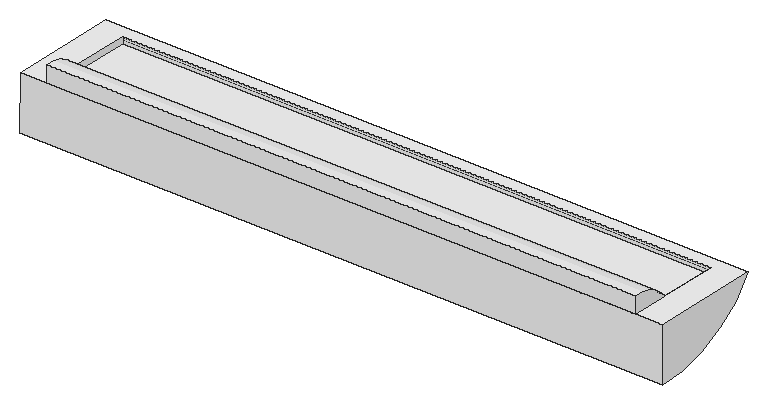
Revit family "54L", category Lighting Fixtures, host Wall, Revit 2013
Parameters (values of type "54L-W-02")
  Watts = 4 W
  Wattage = 4 W
  built-in parameter 1150110 = 1 (stored number, unit not read)
  Voltage [instance] = 120 V
  URL = "http://www.litecontrol.com/"
  built-in parameter 1114217 = 1 (stored number, unit not read)
  Tilt Angle = -90.00°
  built-in parameter 1150109 = 1 (stored number, unit not read)
  built-in parameter 1150134 = (empty or 0)
  built-in parameter 1150113 = 1 (stored number, unit not read)
  Reflector Finish = Hubbell - White Glass
  Product Page URL = "http://www.litecontrol.com/products/54l-w"
  Product Material = Paint - Hubbell - Matte White
  Product Documentation Link = "http://cdn.litecontrol.com/content/products/specs/specs_files/54l_w.pdf"
  Power Factor = 1
  Photometric Web File = "generic"
  built-in parameter 1150142 = (empty or 0)
  Mounting = "Wall-Mounted"
  Model = "54L W"  # constant formula
  Manufacturer Phone = "781 294 0100"  # constant formula
  Manufacturer Fax = "781 293 2849 "  # constant formula
  Manufacturer = "LiteControl"  # constant formula
  built-in parameter 1150105 = 24.414 (stored number, unit not read)
  Lumens = 306.8 lm
  built-in parameter 1150115 = 1 (stored number, unit not read)
  Load Classification = Lighting
  built-in parameter 1150137 = (empty or 0)
  built-in parameter 1150139 = (empty or 0)
  Length = 24"
  built-in parameter 1150112 = 1 (stored number, unit not read)
  built-in parameter 1150114 = 1 (stored number, unit not read)
  Lamp = "LED"
  built-in parameter 1150132 = (empty or 0)
  built-in parameter 1150102 = (empty or 0)
  built-in parameter 1150107 = 3000 (stored number, unit not read)
  built-in parameter 1150138 = (empty or 0)
  built-in parameter 1150106 = 0.24414 (stored number, unit not read)
  Fixture distribution = "Asymmetric Indirect"
  Emit from Rectangle Width = 2"  # constant formula
  Emit from Rectangle Length = Length - 2"  # 22"
  Emit Shape Visible in Rendering = no
  built-in parameter 1150104 = 7.1257 (stored number, unit not read)
  Dimming Lamp Color Temperature Shift = <None>
  Description = "Arcos Wall LED"  # constant formula
  Color Filter = 16777215
  built-in parameter 1114218 = 1 (stored number, unit not read)
  built-in parameter 1150133 = 10 (stored number, unit not read)
  Assembly Code = "D5020210"
  Apparent Load = Watts / Power Factor  # 4 VA
Types (5): name | built-in parameter 1150134 | Length | built-in parameter 1150107 | Emit from Rectangle Length
  54L-W-02 | (empty or 0) | 24" | 3000 (stored number, unit not read) | 22"
  54L-W-03 | 3 | 36" | 3200 (stored number, unit not read) | 34"
  54L-W-04 | 3 | 48" | 3200 (stored number, unit not read) | 46"
  54L-W-06 | 3 | 72" | 3200 (stored number, unit not read) | 70"
  54L-W-08 | 3 | 96" | 3200 (stored number, unit not read) | 94"
Reference planes (in)
  plane 1: y = 0
  plane 2 "Light Source Axis (L/R)": x = 4.92126
  plane 3 "Light Source Axis (F/R)": y = 5.45276
  plane 4 "Light Source Elevation": z = 71.68457
  plane 5 "Top Elevation": z = 72.43457
  plane 6: x = 16.92126
  plane 7: x = -7.07874
  plane 8: z = 69.80957
  plane 9: y = 6.95276
  plane 10: y = 2.95276
  plane 11: z = 71.80957
  plane 12: x = 15.92126
  plane 13: x = -6.07874
  plane 14: z = 71.5752
  plane 15: y = 4.25276
  plane 16: y = 6.50276
  plane 17: z = 71.70957
Forms (in)
  Extrusion 1, solid, material "Paint - Hubbell - Matte White" <- "Product Material"
    sketch origin (4.92126, 0, 0) x (0, 1, 0) y (0, 0, 1)
      loop
        line (2.95276, 71.80957) -> (2.95276, 69.80957)
        arc (2.95276, 69.80957) -> (5.21352, 70.28804) -> (6.95276, 71.80957) r 4.57901
        line (6.95276, 71.80957) -> (2.95276, 71.80957)
    from -12 to 12
  Extrusion 2, solid, material "Paint - Hubbell - Matte White" <- "Product Material"
    sketch origin (4.92126, 0, 0) x (0, 1, 0) y (0, 0, 1)
      loop
        line (2.95276, 71.80957) -> (4.31827, 71.80957)
        arc (4.31827, 71.80957) -> (3.71006, 72.28496) -> (2.95276, 72.43457) r 1.66329
        line (2.95276, 72.43457) -> (2.95276, 71.80957)
    from -11 to 11
  Extrusion 3, void
    sketch origin (4.92126, 0, 0) x (0, 1, 0) y (0, 0, 1)
      loop
        line (4.25276, 71.5752) -> (6.50276, 71.5752) -> (6.50276, 71.80957) -> (4.25276, 71.80957) -> (4.25276, 71.5752)
    from -11 to 11
  Extrusion 4, solid, material "Hubbell - White Glass" <- "Reflector Finish"
    sketch origin (4.92126, 0, 0) x (0, 1, 0) y (0, 0, 1)
      loop
        line (4.25276, 71.80957) -> (4.25276, 71.70957) -> (6.50276, 71.70957) -> (6.50276, 71.80957) -> (4.25276, 71.80957)
    from -11 to 11
Cuts and joins
  Extrusion 3 cuts Extrusion 1
  Extrusion 3 cuts Extrusion 2
Text (in)
  text "Placement side" at (-70.3598, 43.96769, 0), in view "Ref. Level"
  text "Placement side" at (0, 83.08644, 117.56134), in view "Left"
  text "Placement side" at (0, 24.74324, 118.58137), in view "Right"
Dimensions and locks (in)
  equal spacing: plane 7, plane 2 "Light Source Axis (L/R)", plane 6
  "Length": plane 7 to plane 6
  locked: plane 8 to plane 5 "Top Elevation" at 2.625
  plane 10 to plane 9 = 4"
  locked: plane 4 "Light Source Elevation" to plane 5 "Top Elevation" at 0.75
  locked: plane 11 to plane 8 at 2
  locked: plane 12 to plane 6 at 1
  locked: plane 7 to plane 13 at 1
  Extrusion 2 to plane 4 "Light Source Elevation" = 1/8"
  locked: plane 16 to plane 9 at 0.45
  plane 15 to plane 16 = 2 1/4"
  locked: plane 11 to plane 17 at 0.1
  locked: plane 11 to plane 14 at 0.23437
  locked: plane 3 "Light Source Axis (F/R)" to plane 9 at 1.5
  radius of Extrusion 2 sketch curve = 1.66329"
  aligned and locked: plane 1 to host wall
  aligned and locked: plane 10 to host wall
  aligned and locked: Extrusion 1 sketch curve to plane 11
  aligned and locked: Extrusion 1 sketch curve to plane 10
  aligned and locked: Extrusion 1 to plane 6
  aligned and locked: plane 7 to Extrusion 1
  aligned and locked: plane 10 to Extrusion 2 sketch curve
  aligned and locked: Extrusion 2 sketch curve to plane 11
  aligned and locked: Extrusion 2 to plane 12
  aligned and locked: plane 14 to Extrusion 3 sketch curve
  aligned and locked: plane 15 to Extrusion 3 sketch curve
  aligned and locked: plane 16 to Extrusion 3 sketch curve
  aligned and locked: plane 11 to Extrusion 3
  aligned and locked: Extrusion 3 to plane 12
  aligned and locked: Extrusion 3 to plane 13
  aligned and locked: Extrusion 4 sketch curve to cut or joined group of Extrusion 1, Extrusion 3  (x3)
  aligned and locked: plane 17 to Extrusion 4 sketch curve
  aligned and locked: Extrusion 4 to plane 12
  aligned and locked: Extrusion 4 to plane 13
  aligned and locked: cut or joined group of Extrusion 2, Extrusion 3 to plane 13
  aligned and locked: plane 4 "Light Source Elevation" to imposter light
  aligned and locked: imposter light to plane 3 "Light Source Axis (F/R)"
Automatic sketch dimensions
  Extrusion 1 sketch curve to plane 9 = 0"
  Extrusion 1 sketch curve to plane 8 = 0"
  host wall to Extrusion 1 sketch curve = 0.21298"
  Extrusion 2 sketch curve to plane 5 "Top Elevation" = 0"
  host wall to Extrusion 2 sketch curve = 0.06508"
  plane 11 to Extrusion 3 sketch curve = 0"
Connectors (in)
  electrical at (4.92126, 2.95276, 70.80957), driven by "Load Classification", driven by "Voltage", driven by "Apparent Load", driven by "Power Factor"
    settings: on cut or joined group of Extrusion 1, Extrusion 3, index 1, voltage 120 V, apparent load 4 VA, apparent load phase1 0 VA, apparent load phase2 0 VA, apparent load phase3 0 VA, power factor 1, load classification "Lighting", number of poles 1, system type 30, power factor state 1, is connector primary yes, connector utility no, sub classification motor no, connector description "Electrical Connector"
